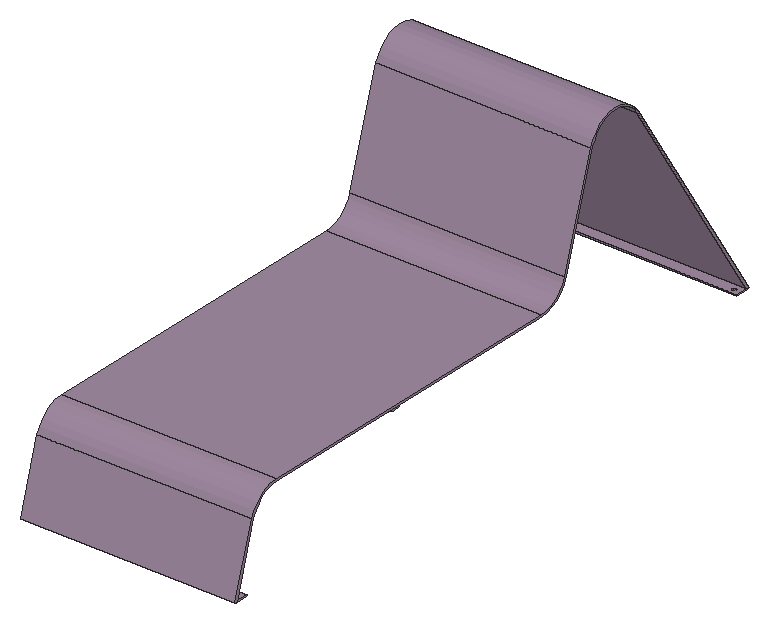
Revit family "62502-S", category Meble, Revit 2021
Family settings
  Numer OmniClass = 23.40.20.00
  Tytuł OmniClass = General Furniture and Specialties
  Oparty na płaszczyźnie roboczej = Nie
  Zawsze pionowo = Tak
  Tnij formami wycięć po wczytaniu = Nie
  Współdzielony = Nie
  Punkt obliczania pomieszczeń = Nie
Parameters (values of type "62502-s")
  metal = Kobenhagen RAL 4001
  Width = "70 cm"
  Weight = ""
  URL = "https://kobenhagen.com/en_US/p/restad-Sofa/76"
  Seat height = "29 cm"
  Product line = "Ørestad"
  Product Groups = "Sofa Benches"
  Producent = "Lars Laj"
  Keynote = ""
  Opis = "Ørestad Sofa\r\nØRESTAD\r\nØrestad Sofa"
  Model = "62502-S"
  Material = "Powder coated steel"
  Maintenance = "We recommend to examine and tighten all screws and bolt clamps after a few weeks’ use. In order to prevent cracks and to extend the life of the wood, it is recommended that the wood details should be oiled every 3-5 years."
  Lenght = "209 cm"
  Type Comments = ""
  Kobenhagen Materials = "larslaj.com/bim"
  Hosted on larslaj.com = "https://larslaj.com/bim"
  Height = "77 cm"
  Domyślna rzędna = 0.0 cm
  Copyright = "All designs and drawings are the intellectual property of Lars Laj A/S and are protected by Danish and international copyright laws."
Reference planes (cm)
  plane 1 "front": y = 0
  plane 2: z = 0
  plane 3 "Środek (Lewa/Prawa)": x = 0
Forms (cm)
  Extrusion 1, solid, material "Kobenhagen RAL 4001" <- "metal", not visible
    sketch origin (0, 0, 0) x (0, 1, 0) y (0, 0, 1)
      loop
        arc (7.1187, 45.15) -> (5.7045, 44.5642) -> (5.1187, 43.15) r 2
        line (5.1187, 43.15) -> (5.1187, 1.8231)
        arc (5.1187, 1.8231) -> (5.6527, 0.534) -> (6.9418, 0) r 1.8231
        line (6.9418, 0) -> (15.3638, 0) -> (15.3638, 1.5) -> (44.8638, 1.5) -> (44.8638, 0) -> (52.7023, 0)
        arc (52.7023, 0) -> (54.2307, 0.6331) -> (54.8638, 2.1615) r 2.1615
        line (54.8638, 2.1615) -> (54.8638, 42.9407)
        arc (54.8638, 42.9407) -> (54.2168, 44.5029) -> (52.6545, 45.15) r 2.2093
        line (52.6545, 45.15) -> (7.1187, 45.15)
    from 75.0378 to 74.5
  Extrusion 2, solid, material "Kobenhagen RAL 4001" <- "metal", not visible
    sketch origin (0, 0, 0) x (0, 1, 0) y (0, 0, 1)
      loop
        line (54.8638, 39.6844) -> (62.9375, 85.4725) -> (60.1836, 85.9581)
        arc (60.1836, 85.9581) -> (58.5224, 85.5898) -> (57.6082, 84.1547) r 2.2232
        line (57.6082, 84.1547) -> (50.7306, 45.15) -> (52.6545, 45.15)
        arc (52.6545, 45.15) -> (54.2168, 44.5029) -> (54.8638, 42.9407) r 2.2093
        line (54.8638, 42.9407) -> (54.8638, 39.6844)
    from 74.5 to 75.0378
  Extrusion 3, solid, material "Kobenhagen RAL 4001" <- "metal"
    sketch origin (-3.3221, 33.1286, 0.5) x (0, 1, 0) y (0, 0, 1)
      loop
        line (69.9498, -0.5) -> (69.9498, 0) -> (65.9498, 0) -> (65.9498, -0.5) -> (69.9498, -0.5)
    from -31.6779 to 38.3221
  Extrusion 4, solid, material "Kobenhagen RAL 4001" <- "metal"
    sketch origin (-3.3221, -40.7707, 0.5) x (0, 1, 0) y (0, 0, 1)
      loop
        line (-63.6634, -0.5) -> (-59.6634, -0.5) -> (-59.6634, 0) -> (-63.6634, 0) -> (-63.6634, -0.5)
    from -31.6779 to 38.3221
  Extrusion 5, void
    sketch origin (-3.3221, 33.1286, 0) x (1, 0, 0) y (0, 1, 0)
      loop
        circle (36.3106, 67.4522) r 0.5753
    from -2.3203 to 1.8263
  Extrusion 6, void
    sketch origin (-69.3221, 33.1286, 0) x (1, 0, 0) y (0, 1, 0)
      loop
        circle (36.3106, 67.4522) r 0.5753
    from -2.3203 to 1.8263
  Extrusion 7, void
    sketch origin (-69.3221, -169.3749, 0) x (1, 0, 0) y (0, 1, 0)
      loop
        circle (36.3106, 67.4522) r 0.5753
    from -3.0415 to 1.8263
  Extrusion 8, void
    sketch origin (-3.3077, -169.3896, 0) x (1, 0, 0) y (0, 1, 0)
      loop
        circle (36.3106, 67.4522) r 0.5753
    from -3.0415 to 1.8263
  Extrusion 9, solid, material "Kobenhagen RAL 4001" <- "metal"
    sketch origin (10, -33.6268, 0) x (0, 1, 0) y (0, 0, 1)
      loop
        line (-71.4435, 0.1525) -> (-70.9673, 0) -> (-64.107, 21.4286)
        arc (-64.107, 21.4286) -> (-60.496, 26.4443) -> (-54.6264, 28.3795) r 10
        line (-54.6264, 28.3795) -> (53.3772, 28.8464)
        arc (53.3772, 28.8464) -> (59.5402, 30.8784) -> (63.3318, 36.1449) r 10.5
        line (63.3318, 36.1449) -> (73.9224, 69.2255)
        arc (73.9224, 69.2255) -> (82.1847, 76.0966) -> (91.9038, 71.5123) r 10
        line (91.9038, 71.5123) -> (137.0206, 0) -> (137.4435, 0.2668) -> (92.3267, 71.7791)
        arc (92.3267, 71.7791) -> (82.1216, 76.5926) -> (73.4463, 69.3779) r 10.5
        line (73.4463, 69.3779) -> (62.8556, 36.2973)
        arc (62.8556, 36.2973) -> (59.2445, 31.2816) -> (53.375, 29.3464) r 10
        line (53.375, 29.3464) -> (-54.6286, 28.8795)
        arc (-54.6286, 28.8795) -> (-60.7916, 26.8475) -> (-64.5832, 21.5811) r 10.5
        line (-64.5832, 21.5811) -> (-71.4435, 0.1525)
    from -45 to 25
  Extrusion 10, solid, material "Kobenhagen RAL 4001" <- "metal"
    sketch origin (-101.3073, -33.6268, 0) x (1, 0, 0) y (0, 1, 0)
      loop
        circle (101.3073, 32.7052) r 4
    from 0 to 0.5
  Extrusion 11, void
    sketch origin (-101.3073, -33.6268, 0) x (1, 0, 0) y (0, 1, 0)
      loop
        circle (101.3073, 32.7052) r 0.5
    from -1.0113 to 1.5884
  Extrusion 12, solid, material "Kobenhagen RAL 4001" <- "metal"
    sketch origin (-101.3073, -33.6268, 0) x (1, 0, 0) y (0, 1, 0)
      loop
        circle (101.3073, 32.7052) r 1.685
      loop
        circle (101.3073, 32.7052) r 1.485
    from 0.5 to 28.7495
Cuts and joins
  Extrusion 5, Extrusion 6 cuts Extrusion 3
  Extrusion 7, Extrusion 8 cuts Extrusion 4
  Extrusion 11 cuts Extrusion 10
Dimensions and locks (cm)
  aligned and locked: level to plane 2
